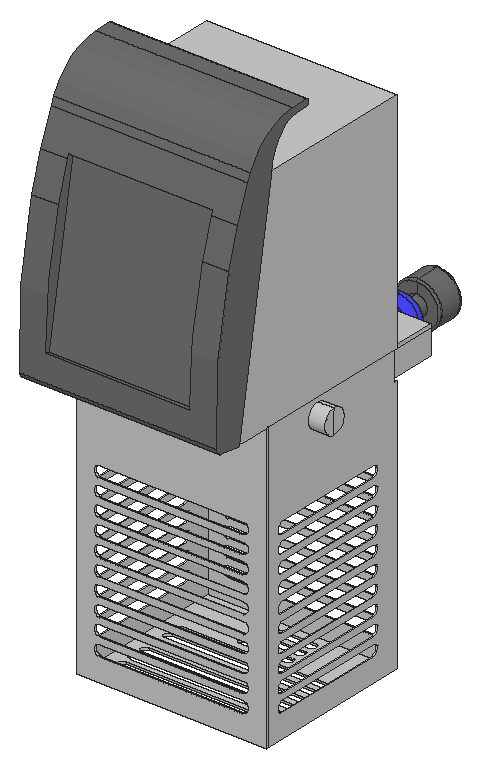
Revit family "SmartVide_5_GENERADO", category Equipos especializados, Revit 2020
Family settings
  Cota de conector redondo = Diámetro de uso
  Tipo de pieza = Normal
  Número OmniClass = 23.21.21.13
  Se basa en plano de trabajo = No
  Siempre vertical = Sí
  Corte con vacíos al cargar = No
  Compartido = No
  Punto de cálculo de habitación = No
Parameters
  Width = 116 mm
  Weight in Pounds = 6.8
  Watts = 1600 W
  Volts = 208 V
  URL Cutsheet = "http://www.sammic.com/dl/469714/2b663/ps-en-1180104-smartvide-5.pdf"
  URL = "https://www.sammic.com/model/1180104"
  Specification by Manufacturer = "Commercial high-precision sous-vide cooker. Reliable, user-friendly, portable.\nInterchangeable between ºC and ºF.\n· Bluetooth connectivity.\n· HACCP-ready.\n· Optional core probe.\n· Firmware update."
  Show Logo [instance] = yes
  Show Clearances [instance] = yes
  Revision Code = "1"
  Phase = 1
  Model = "1180104"
  Height = 330 mm
  HP = "2.15"
  Foodservice Equipment Identifier = yes
  Fabricante = "SAMMIC S.L."
  FL Amps = 7 A
  Elevación por defecto = 0 mm
  Description = "SmartVide 5 208-240/50-60/1"
  Depth = 128 mm
  Cycle = 50 Hz
  Conn Plug = "USA (NEMA 6-20P / 2P)"
  Comentarios de tipo = "Maximum capacity: 30 lt./ 8 gal."
Types (6, lengths in mm): name | Watts | Volts | URL Cutsheet | URL | Model | HP | FL Amps | Description | Conn Plug
  (no name) | 1600 W | 208 V | "http://www.sammic.com/dl/469714/2b663/ps-en-1180104-smartvide-5.pdf" | "https://www.sammic.com/model/1180104" | "1180104" | "2.15" | 7 A | "SmartVide 5 208-240/50-60/1" | "USA (NEMA 6-20P / 2P)"
  SmartVide 5 230/50-60/1 UK | 1600 W | 230 V | "http://www.sammic.com/dl/455517/48d0b/ps-en-1180101-smartvide5.pdf" | "https://www.sammic.com/model/1180101" | "1180101" | "2.15" | 7 A | "SmartVide 5 230/50-60/1 UK" | "UK (BS 1363 13A / 2P+G)"
  SmartVide 5 230/50-60/1 AUS | 1600 W | 230 V | "http://www.sammic.com/dl/455518/c538e/ps-en-1180102-smartvide5.pdf" | "https://www.sammic.com/model/1180102" | "1180102" | "2.15" | 7 A | "SmartVide 5 230/50-60/1 AUS" | "AU/NZ (AS 3112 10A / 2P+G)"
  SmartVide 5 230/50-60/1 | 1600 W | 230 V | "http://www.sammic.com/dl/454963/f1f9c/ps-en-1180100-smartvide5.pdf" | "https://www.sammic.com/model/1180100" | "1180100" | "2.15" | 7 A | "SmartVide 5 230/50-60/1" | "EU (SCHUKO 2P+G)"
  SmartVide 5 120/60/1 | 1200 W | 120 V | "http://www.sammic.com/dl/454964/8873e/ps-en-1180103-smartvide5.pdf" | "https://www.sammic.com/model/1180103" | "1180103" | "1.61" | 10 A | "SmartVide 5 120/60/1" | "USA (NEMA 5-15P / 2P+G)"
  SmartVide 5 208-240/50-60/1 | 1600 W | 208 V | "http://www.sammic.com/dl/469714/2b663/ps-en-1180104-smartvide-5.pdf" | "https://www.sammic.com/model/1180104" | "1180104" | "2.15" | 7 A | "SmartVide 5 208-240/50-60/1" | "USA (NEMA 6-20P / 2P)"
Reference planes
  plane 1 "Centro (Frontal/Posterior)": y = 0
  plane 2: z = 0
  plane 3 "Centro (Izquierda/Derecha)": x = 0
Forms (mm)
  Revolve 1, solid
    sketch origin (0, -58.618, 0) x (1, 0, 0) y (0, 0, 1)
      loop
        line (-56, 160.005) -> (-66, 160.005) -> (-66, 153.005) -> (-56, 153.005) -> (-56, 160.005)
      loop
        line (56, 160.005) -> (56, 153.005) -> (66, 153.005) -> (66, 160.005) -> (56, 160.005)
      axis (-66, 160.005) -> (66, 160.005)
    angle from 0 to 360
  Extrusion 2, solid
    sketch origin (0, -2.108, 0) x (1, 0, 0) y (0, 0, 1)
      loop
        line (-18.4, 290.796) -> (-43.4, 290.796) -> (-43.4, 258.796) -> (-18.4, 258.796) -> (-18.4, 290.796)
    from -4.108 to -2.108
  Extrusion 3, solid
    sketch origin (0, 0, 0) x (0, 1, 0) y (0, 0, 1)
      loop
        line (2, 286.591) -> (2, 263.296) -> (3, 263.296) -> (3, 274.796) -> (8.25, 285.313) -> (2, 286.591)
    from -38.9 to -22.9
  Extrusion 4, solid
    sketch origin (0, 0, 0) x (1, 0, 0) y (0, 0, 1)
      loop
        circle (-31.999, 227.817) r 12.5
    from -26 to 0
Lines and regions (mm)
  symbolic lines, style "200-EquipBorder-2D"
    curve 1: line (-53.5, 28, 0) -> (-53.5, 0, 0)
    curve 2: line (-53.5, 0, 0) -> (-56, 0, 0)
    curve 3: line (-56, 0, 0) -> (-56, -51.618, 0)
    curve 4: line (-56, -51.618, 0) -> (-66, -51.618, 0)
    curve 5: line (-66, -51.618, 0) -> (-66, -65.618, 0)
    curve 6: line (-66, -65.618, 0) -> (-56, -65.618, 0)
    curve 7: line (-56, -65.618, 0) -> (-56, -68.014, 0)
    curve 8: line (-56, -68.014, 0) -> (-58.058, -68.014, 0)
    curve 9: line (-58.058, -68.014, 0) -> (-58.058, -135.853, 0)
    curve 10: line (-58.058, -135.853, 0) -> (58.082, -135.853, 0)
    curve 11: line (58.082, -135.853, 0) -> (58.082, -68.103, 0)
    curve 12: line (58.082, -68.103, 0) -> (56, -68.103, 0)
    curve 13: line (56, -68.103, 0) -> (56, -65.548, 0)
    curve 14: line (56, -65.548, 0) -> (66, -65.548, 0)
    curve 15: line (66, -65.548, 0) -> (66, -51.538, 0)
    curve 16: line (66, -51.538, 0) -> (56, -51.538, 0)
    curve 17: line (56, -51.538, 0) -> (56, 0, 0)
    curve 18: line (56, 0, 0) -> (53.5, 0, 0)
    curve 19: line (53.5, 0, 0) -> (53.5, 28, 0)
    curve 20: line (53.5, 28, 0) -> (7.405, 28, 0)
    curve 21: line (-5.85, 78.241, 0) -> (-5.85, 85, 0)
    curve 22: line (-5.85, 85, 0) -> (-12.48, 85, 0)
    curve 23: arc (-12.48, 85, 0) -> (-13.191, 85.273, 0) -> (-13.536, 85.951, 0) r 1.062
    curve 24: line (-13.536, 85.951, 0) -> (-13.536, 99.874, 0)
    curve 25: arc (-13.536, 99.874, 0) -> (-13.296, 100.673, 0) -> (-12.526, 100.996, 0) r 0.979
    curve 26: line (-12.526, 100.996, 0) -> (12.474, 100.996, 0)
    curve 27: arc (12.474, 100.996, 0) -> (13.232, 100.682, 0) -> (13.545, 99.925, 0) r 1.071
    curve 28: line (13.545, 99.925, 0) -> (13.545, 86.036, 0)
    curve 29: arc (13.545, 86.036, 0) -> (13.242, 85.304, 0) -> (12.509, 85, 0) r 1.036
    curve 30: line (12.509, 85, 0) -> (5.847, 85, 0)
    curve 31: line (5.847, 85, 0) -> (5.847, 78.241, 0)
    curve 32: line (5.847, 78.241, 0) -> (6.642, 78.241, 0)
    curve 33: line (-5.85, 78.241, 0) -> (-6.642, 78.241, 0)
    curve 34: line (-6.642, 78.241, 0) -> (-11.946, 74.097, 0)
    curve 35: line (-11.946, 71.575, 0) -> (-7.126, 67.809, 0)
    curve 36: line (-7.126, 67.084, 0) -> (-11.941, 63.322, 0)
    curve 37: line (-11.941, 60.8, 0) -> (-7.149, 57.056, 0)
    curve 38: line (-7.149, 56.278, 0) -> (-11.972, 52.51, 0)
    curve 39: line (-11.972, 49.988, 0) -> (-7.132, 46.207, 0)
    curve 40: line (-7.132, 45.457, 0) -> (-11.961, 41.685, 0)
    curve 41: line (-11.961, 39.163, 0) -> (-7.025, 35.306, 0)
    curve 42: line (-6.645, 34.528, 0) -> (-6.645, 32.958, 0)
    curve 43: arc (-6.645, 32.958, 0) -> (-6.926, 32.279, 0) -> (-7.605, 31.998, 0) r 0.96
    curve 44: arc (-7.605, 31.998, 0) -> (-9.604, 29.999, 0) -> (-7.605, 28, 0) r 1.999
    curve 45: line (6.642, 78.241, 0) -> (11.944, 74.098, 0)
    curve 46: line (11.944, 71.577, 0) -> (7.127, 67.813, 0)
    curve 47: line (7.127, 67.058, 0) -> (11.935, 63.301, 0)
    curve 48: line (11.935, 60.78, 0) -> (7.126, 57.022, 0)
    curve 49: line (7.126, 56.277, 0) -> (11.961, 52.499, 0)
    curve 50: line (11.961, 49.978, 0) -> (7.114, 46.191, 0)
    curve 51: line (7.114, 45.481, 0) -> (11.943, 41.709, 0)
    curve 52: line (11.943, 39.187, 0) -> (6.899, 35.246, 0)
    curve 53: line (6.518, 34.465, 0) -> (6.518, 33.049, 0)
    curve 54: arc (6.518, 33.049, 0) -> (6.771, 32.373, 0) -> (7.405, 32.029, 0) r 1.03
    curve 55: arc (7.405, 32.029, 0) -> (9.419, 30.014, 0) -> (7.405, 28, 0) r 2.014
    curve 56: line (-7.605, 28, 0) -> (-53.5, 28, 0)
    curve 57: arc (-11.946, 74.097, 0) -> (-12.561, 72.836, 0) -> (-11.946, 71.575, 0) r 1.6
    curve 58: arc (-11.941, 63.322, 0) -> (-12.556, 62.061, 0) -> (-11.941, 60.8, 0) r 1.6
    curve 59: arc (-11.972, 52.51, 0) -> (-12.587, 51.249, 0) -> (-11.972, 49.988, 0) r 1.6
    curve 60: arc (-11.961, 41.685, 0) -> (-12.576, 40.424, 0) -> (-11.961, 39.163, 0) r 1.6
    curve 61: arc (11.944, 74.098, 0) -> (12.559, 72.838, 0) -> (11.944, 71.577, 0) r 1.6
    curve 62: arc (11.935, 63.301, 0) -> (12.55, 62.041, 0) -> (11.935, 60.78, 0) r 1.6
    curve 63: arc (11.961, 52.499, 0) -> (12.576, 51.239, 0) -> (11.961, 49.978, 0) r 1.6
    curve 64: arc (11.943, 41.709, 0) -> (12.558, 40.448, 0) -> (11.943, 39.187, 0) r 1.6
    curve 65: arc (-7.126, 67.809, 0) -> (-6.949, 67.447, 0) -> (-7.126, 67.084, 0) r 0.46
    curve 66: arc (-7.149, 57.056, 0) -> (-6.959, 56.667, 0) -> (-7.149, 56.278, 0) r 0.493
    curve 67: arc (-7.132, 46.207, 0) -> (-6.949, 45.832, 0) -> (-7.132, 45.457, 0) r 0.475
    curve 68: arc (-7.025, 35.306, 0) -> (-6.745, 34.961, 0) -> (-6.645, 34.528, 0) r 0.988
    curve 69: arc (6.899, 35.246, 0) -> (6.618, 34.899, 0) -> (6.518, 34.465, 0) r 0.99
    curve 70: arc (7.114, 46.191, 0) -> (6.941, 45.836, 0) -> (7.114, 45.481, 0) r 0.45
    curve 71: arc (7.126, 57.022, 0) -> (6.944, 56.65, 0) -> (7.126, 56.277, 0) r 0.473
    curve 72: arc (7.127, 67.813, 0) -> (6.943, 67.436, 0) -> (7.127, 67.058, 0) r 0.479
Dimensions and locks
  aligned and locked: level to plane 2
Nested families
  nested 1: "SmartVide_5_Caja" at (0, 0, 0), type "SmartVide_5_Caja"
    with Show Logo yes, Show Clearances yes
  nested 2: "SmartVide_5_Mandos" at (0, 0, 0), type "SmartVide_5_Mandos"
    with Show Logo yes, Show Clearances yes
  nested 3: "SmartVide_5_Rejilla" at (0, 0, 0), type "SmartVide_5_Rejilla"
    with Show Logo yes, Show Clearances yes
  nested 4: "SmartVide_5_Separador" at (0, 0, 0), type "SmartVide_5_Separador"
    with Show Logo yes, Show Clearances yes
Connectors
  electrical at (-31.999, 26, 227.817)
    settings: on Extrusion 4, index 1, voltage 230 V, apparent load 0 VA, apparent load phase1 0 VA, apparent load phase2 0 VA, apparent load phase3 0 VA, power factor 1, load classification "Otro", number of poles 1, system type 31, power factor state 1, is connector primary yes, connector utility no, sub classification motor no, connector description "Conexion electrica"
Definition of nested family "SmartVide_5_Caja"
  Parameters
    Show Logo [instance] = yes
    Show Clearances [instance] = yes
    Default Elevation = 0 mm
  Reference planes
    plane 1 "Centro (Frontal/Posterior)": y = 0
    plane 2: z = 0
    plane 3 "Centro (Izquierda/Derecha)": x = 0
  Forms (mm)
    Extrusion 1, solid
      sketch origin (0, 0, 0) x (0, 1, 0) y (0, 0, 1)
        loop
          line (0, 303.334) -> (-95.806, 303.334) -> (-95.806, 302.134) -> (-119.069, 170.255) -> (-111.958, 169.002) -> (0, 169.002) -> (0, 303.334)
      from -56 to 56
  Dimensions and locks
    aligned and locked: level to plane 2
Definition of nested family "SmartVide_5_Mandos"
  Parameters
    Show Logo [instance] = yes
    Show Clearances [instance] = yes
    Default Elevation = 0 mm
  Reference planes
    plane 1 "Centro (Frontal/Posterior)": y = 0
    plane 2: z = 0
    plane 3 "Centro (Izquierda/Derecha)": x = 0
  Forms (mm)
    Extrusion 1, solid
      sketch origin (0, 326.695, -986.633) x (0, 1, 0) y (0, 0, 1)
        loop
          arc (-394.797, 1317.825) -> (-395.103, 1318.544) -> (-395.832, 1318.825) r 1
          line (-395.832, 1318.825) -> (-405.826, 1318.476)
          arc (-405.826, 1318.476) -> (-424.219, 1312.571) -> (-436.792, 1297.905) r 35.478
          line (-436.792, 1297.905) -> (-438.89, 1293.367) -> (-446.417, 1273.799) -> (-452.93, 1252.497)
          arc (-452.93, 1252.497) -> (-461.05, 1207.884) -> (-462.121, 1162.55) r 290.156
          arc (-462.121, 1162.55) -> (-460.942, 1159.785) -> (-458.263, 1158.423) r 4.4
          line (-458.263, 1158.423) -> (-445.764, 1156.888) -> (-422.42, 1289.855)
          arc (-422.42, 1289.855) -> (-421.342, 1296.223) -> (-419.081, 1302.275) r 34.106
          arc (-419.081, 1302.275) -> (-415.647, 1307.68) -> (-411.082, 1312.173) r 28.226
          arc (-411.082, 1312.173) -> (-407.467, 1314.203) -> (-403.409, 1315.057) r 13.685
          line (-403.409, 1315.057) -> (-395.569, 1315.332)
          arc (-395.569, 1315.332) -> (-395.022, 1315.575) -> (-394.797, 1316.131) r 0.8
          line (-394.797, 1316.131) -> (-394.797, 1317.825)
      from -58.081 to 58.082
    Extrusion 2, void
      sketch origin (0, -114.162, 0) x (0, 1, 0) y (0, 0, 1)
        loop
          line (-1.723, 289.222) -> (-9.593, 290.655) -> (-27.374, 192.972) -> (-19.503, 191.54) -> (-1.723, 289.222)
      from -42.5 to 42.5
  Cuts and joins
    Extrusion 2 cuts Extrusion 1
  Dimensions and locks
    aligned and locked: level to plane 2
Definition of nested family "SmartVide_5_Rejilla"
  Parameters
    Show Logo [instance] = yes
    Show Clearances [instance] = yes
    Default Elevation = 0 mm
  Reference planes
    plane 1 "Centro (Frontal/Posterior)": y = 0
    plane 2: z = 0
    plane 3 "Centro (Izquierda/Derecha)": x = 0
  Forms (mm)
    Extrusion 1, solid
      sketch origin (0, 154, 0) x (1, 0, 0) y (0, 0, 1)
        loop
          line (-56, 169.502) -> (-56, 0) -> (56, 0) -> (56, 169.502) -> (-56, 169.502)
        loop
          arc (-42, 115) -> (-45.5, 111.5) -> (-42, 108) r 3.5
          line (-42, 108) -> (42, 108)
          arc (42, 108) -> (45.5, 111.5) -> (42, 115) r 3.5
          line (42, 115) -> (-42, 115)
        loop
          arc (42, 97.5) -> (45.5, 101) -> (42, 104.5) r 3.5
          line (42, 104.5) -> (-42, 104.5)
          arc (-42, 104.5) -> (-45.5, 101) -> (-42, 97.5) r 3.5
          line (-42, 97.5) -> (42, 97.5)
        loop
          arc (-42, 94) -> (-45.5, 90.5) -> (-42, 87) r 3.5
          line (-42, 87) -> (42, 87)
          arc (42, 87) -> (45.5, 90.5) -> (42, 94) r 3.5
          line (42, 94) -> (-42, 94)
        loop
          arc (42, 76.5) -> (45.5, 80) -> (42, 83.5) r 3.5
          line (42, 83.5) -> (-42, 83.5)
          arc (-42, 83.5) -> (-45.5, 80) -> (-42, 76.5) r 3.5
          line (-42, 76.5) -> (42, 76.5)
        loop
          arc (42, 66) -> (45.5, 69.5) -> (42, 73) r 3.5
          line (42, 73) -> (-42, 73)
          arc (-42, 73) -> (-45.5, 69.5) -> (-42, 66) r 3.5
          line (-42, 66) -> (42, 66)
        loop
          arc (-42, 62.5) -> (-45.5, 59) -> (-42, 55.5) r 3.5
          line (-42, 55.5) -> (42, 55.5)
          arc (42, 55.5) -> (45.5, 59) -> (42, 62.5) r 3.5
          line (42, 62.5) -> (-42, 62.5)
        loop
          arc (42, 13.5) -> (45.5, 17) -> (42, 20.5) r 3.5
          line (42, 20.5) -> (-42, 20.5)
          arc (-42, 20.5) -> (-45.5, 17) -> (-42, 13.5) r 3.5
          line (-42, 13.5) -> (42, 13.5)
        loop
          arc (42, 24) -> (45.5, 27.5) -> (42, 31) r 3.5
          line (42, 31) -> (-42, 31)
          arc (-42, 31) -> (-45.5, 27.5) -> (-42, 24) r 3.5
          line (-42, 24) -> (42, 24)
        loop
          arc (42, 34.5) -> (45.5, 38) -> (42, 41.5) r 3.5
          line (42, 41.5) -> (-42, 41.5)
          arc (-42, 41.5) -> (-45.5, 38) -> (-42, 34.5) r 3.5
          line (-42, 34.5) -> (42, 34.5)
        loop
          arc (42, 45) -> (45.5, 48.5) -> (42, 52) r 3.5
          line (42, 52) -> (-42, 52)
          arc (-42, 52) -> (-45.5, 48.5) -> (-42, 45) r 3.5
          line (-42, 45) -> (42, 45)
      from 249 to 250
    Extrusion 2, solid
      sketch origin (0, 0, 0) x (0, 1, 0) y (0, 0, 1)
        loop
          line (-17.5, 115) -> (-84.5, 115)
          arc (-84.5, 115) -> (-88, 111.5) -> (-84.5, 108) r 3.5
          line (-84.5, 108) -> (-17.5, 108)
          arc (-17.5, 108) -> (-14, 111.5) -> (-17.5, 115) r 3.5
        loop
          line (-17.5, 104.5) -> (-84.5, 104.5)
          arc (-84.5, 104.5) -> (-88, 101) -> (-84.5, 97.5) r 3.5
          line (-84.5, 97.5) -> (-17.5, 97.5)
          arc (-17.5, 97.5) -> (-14, 101) -> (-17.5, 104.5) r 3.5
        loop
          line (-17.5, 94) -> (-84.5, 94)
          arc (-84.5, 94) -> (-88, 90.5) -> (-84.5, 87) r 3.5
          line (-84.5, 87) -> (-17.5, 87)
          arc (-17.5, 87) -> (-14, 90.5) -> (-17.5, 94) r 3.5
        loop
          line (-17.5, 83.5) -> (-84.5, 83.5)
          arc (-84.5, 83.5) -> (-88, 80) -> (-84.5, 76.5) r 3.5
          line (-84.5, 76.5) -> (-17.5, 76.5)
          arc (-17.5, 76.5) -> (-14, 80) -> (-17.5, 83.5) r 3.5
        loop
          line (-17.5, 73) -> (-84.5, 73)
          arc (-84.5, 73) -> (-88, 69.5) -> (-84.5, 66) r 3.5
          line (-84.5, 66) -> (-17.5, 66)
          arc (-17.5, 66) -> (-14, 69.5) -> (-17.5, 73) r 3.5
        loop
          line (-17.5, 62.5) -> (-84.5, 62.5)
          arc (-84.5, 62.5) -> (-88, 59) -> (-84.5, 55.5) r 3.5
          line (-84.5, 55.5) -> (-17.5, 55.5)
          arc (-17.5, 55.5) -> (-14, 59) -> (-17.5, 62.5) r 3.5
        loop
          line (-17.5, 52) -> (-84.5, 52)
          arc (-84.5, 52) -> (-88, 48.5) -> (-84.5, 45) r 3.5
          line (-84.5, 45) -> (-17.5, 45)
          arc (-17.5, 45) -> (-14, 48.5) -> (-17.5, 52) r 3.5
        loop
          line (-17.5, 41.5) -> (-84.5, 41.5)
          arc (-84.5, 41.5) -> (-88, 38) -> (-84.5, 34.5) r 3.5
          line (-84.5, 34.5) -> (-17.5, 34.5)
          arc (-17.5, 34.5) -> (-14, 38) -> (-17.5, 41.5) r 3.5
        loop
          line (-84.5, 24) -> (-17.5, 24)
          arc (-17.5, 24) -> (-14, 27.5) -> (-17.5, 31) r 3.5
          line (-17.5, 31) -> (-84.5, 31)
          arc (-84.5, 31) -> (-88, 27.5) -> (-84.5, 24) r 3.5
        loop
          line (-17.5, 20.5) -> (-84.5, 20.5)
          arc (-84.5, 20.5) -> (-88, 17) -> (-84.5, 13.5) r 3.5
          line (-84.5, 13.5) -> (-17.5, 13.5)
          arc (-17.5, 13.5) -> (-14, 17) -> (-17.5, 20.5) r 3.5
        loop
          circle (-58.618, 160.005) r 4
        loop
          line (-2, 169.002) -> (-95, 169.002) -> (-95, 0) -> (0, 0) -> (0, 152.002) -> (-2, 152.002) -> (-2, 169.002)
      from -56 to -55
    Extrusion 3, solid
      sketch origin (111, 0, 0) x (0, 1, 0) y (0, 0, 1)
        loop
          line (-17.5, 115) -> (-84.5, 115)
          arc (-84.5, 115) -> (-88, 111.5) -> (-84.5, 108) r 3.5
          line (-84.5, 108) -> (-17.5, 108)
          arc (-17.5, 108) -> (-14, 111.5) -> (-17.5, 115) r 3.5
        loop
          line (-17.5, 104.5) -> (-84.5, 104.5)
          arc (-84.5, 104.5) -> (-88, 101) -> (-84.5, 97.5) r 3.5
          line (-84.5, 97.5) -> (-17.5, 97.5)
          arc (-17.5, 97.5) -> (-14, 101) -> (-17.5, 104.5) r 3.5
        loop
          line (-17.5, 94) -> (-84.5, 94)
          arc (-84.5, 94) -> (-88, 90.5) -> (-84.5, 87) r 3.5
          line (-84.5, 87) -> (-17.5, 87)
          arc (-17.5, 87) -> (-14, 90.5) -> (-17.5, 94) r 3.5
        loop
          line (-17.5, 83.5) -> (-84.5, 83.5)
          arc (-84.5, 83.5) -> (-88, 80) -> (-84.5, 76.5) r 3.5
          line (-84.5, 76.5) -> (-17.5, 76.5)
          arc (-17.5, 76.5) -> (-14, 80) -> (-17.5, 83.5) r 3.5
        loop
          line (-17.5, 73) -> (-84.5, 73)
          arc (-84.5, 73) -> (-88, 69.5) -> (-84.5, 66) r 3.5
          line (-84.5, 66) -> (-17.5, 66)
          arc (-17.5, 66) -> (-14, 69.5) -> (-17.5, 73) r 3.5
        loop
          line (-17.5, 62.5) -> (-84.5, 62.5)
          arc (-84.5, 62.5) -> (-88, 59) -> (-84.5, 55.5) r 3.5
          line (-84.5, 55.5) -> (-17.5, 55.5)
          arc (-17.5, 55.5) -> (-14, 59) -> (-17.5, 62.5) r 3.5
        loop
          line (-17.5, 52) -> (-84.5, 52)
          arc (-84.5, 52) -> (-88, 48.5) -> (-84.5, 45) r 3.5
          line (-84.5, 45) -> (-17.5, 45)
          arc (-17.5, 45) -> (-14, 48.5) -> (-17.5, 52) r 3.5
        loop
          line (-17.5, 41.5) -> (-84.5, 41.5)
          arc (-84.5, 41.5) -> (-88, 38) -> (-84.5, 34.5) r 3.5
          line (-84.5, 34.5) -> (-17.5, 34.5)
          arc (-17.5, 34.5) -> (-14, 38) -> (-17.5, 41.5) r 3.5
        loop
          line (-84.5, 24) -> (-17.5, 24)
          arc (-17.5, 24) -> (-14, 27.5) -> (-17.5, 31) r 3.5
          line (-17.5, 31) -> (-84.5, 31)
          arc (-84.5, 31) -> (-88, 27.5) -> (-84.5, 24) r 3.5
        loop
          line (-17.5, 20.5) -> (-84.5, 20.5)
          arc (-84.5, 20.5) -> (-88, 17) -> (-84.5, 13.5) r 3.5
          line (-84.5, 13.5) -> (-17.5, 13.5)
          arc (-17.5, 13.5) -> (-14, 17) -> (-17.5, 20.5) r 3.5
        loop
          circle (-58.618, 160.005) r 4
        loop
          line (-2, 169.002) -> (-95, 169.002) -> (-95, 0) -> (0, 0) -> (0, 152.002) -> (-2, 152.002) -> (-2, 169.002)
      from -56 to -55
    Extrusion 4, solid
      sketch origin (0, 249, 0) x (1, 0, 0) y (0, 0, 1)
        loop
          line (-55, 152.002) -> (-55, 0) -> (55, 0) -> (55, 152.002) -> (-55, 152.002)
        loop
          arc (-42, 115) -> (-45.5, 111.5) -> (-42, 108) r 3.5
          line (-42, 108) -> (42, 108)
          arc (42, 108) -> (45.5, 111.5) -> (42, 115) r 3.5
          line (42, 115) -> (-42, 115)
        loop
          arc (42, 97.5) -> (45.5, 101) -> (42, 104.5) r 3.5
          line (42, 104.5) -> (-42, 104.5)
          arc (-42, 104.5) -> (-45.5, 101) -> (-42, 97.5) r 3.5
          line (-42, 97.5) -> (42, 97.5)
        loop
          arc (-42, 94) -> (-45.5, 90.5) -> (-42, 87) r 3.5
          line (-42, 87) -> (42, 87)
          arc (42, 87) -> (45.5, 90.5) -> (42, 94) r 3.5
          line (42, 94) -> (-42, 94)
        loop
          arc (42, 76.5) -> (45.5, 80) -> (42, 83.5) r 3.5
          line (42, 83.5) -> (-42, 83.5)
          arc (-42, 83.5) -> (-45.5, 80) -> (-42, 76.5) r 3.5
          line (-42, 76.5) -> (42, 76.5)
        loop
          arc (42, 66) -> (45.5, 69.5) -> (42, 73) r 3.5
          line (42, 73) -> (-42, 73)
          arc (-42, 73) -> (-45.5, 69.5) -> (-42, 66) r 3.5
          line (-42, 66) -> (42, 66)
        loop
          arc (-42, 62.5) -> (-45.5, 59) -> (-42, 55.5) r 3.5
          line (-42, 55.5) -> (42, 55.5)
          arc (42, 55.5) -> (45.5, 59) -> (42, 62.5) r 3.5
          line (42, 62.5) -> (-42, 62.5)
        loop
          arc (42, 13.5) -> (45.5, 17) -> (42, 20.5) r 3.5
          line (42, 20.5) -> (-42, 20.5)
          arc (-42, 20.5) -> (-45.5, 17) -> (-42, 13.5) r 3.5
          line (-42, 13.5) -> (42, 13.5)
        loop
          arc (42, 24) -> (45.5, 27.5) -> (42, 31) r 3.5
          line (42, 31) -> (-42, 31)
          arc (-42, 31) -> (-45.5, 27.5) -> (-42, 24) r 3.5
          line (-42, 24) -> (42, 24)
        loop
          arc (42, 34.5) -> (45.5, 38) -> (42, 41.5) r 3.5
          line (42, 41.5) -> (-42, 41.5)
          arc (-42, 41.5) -> (-45.5, 38) -> (-42, 34.5) r 3.5
          line (-42, 34.5) -> (42, 34.5)
        loop
          arc (42, 45) -> (45.5, 48.5) -> (42, 52) r 3.5
          line (42, 52) -> (-42, 52)
          arc (-42, 52) -> (-45.5, 48.5) -> (-42, 45) r 3.5
          line (-42, 45) -> (42, 45)
      from 249 to 250
    Extrusion 5, solid
      sketch origin (-139.438, 12.259, 0) x (1, 0, 0) y (0, 1, 0)
        loop
          line (84.438, -13.259) -> (84.438, -107.259) -> (194.438, -107.259) -> (194.438, -13.259) -> (84.438, -13.259)
        loop
          line (153.188, -19.109) -> (125.688, -19.109)
          arc (125.688, -19.109) -> (123.188, -21.609) -> (125.688, -24.109) r 2.5
          line (125.688, -24.109) -> (153.188, -24.109)
          arc (153.188, -24.109) -> (155.688, -21.609) -> (153.188, -19.109) r 2.5
        loop
          line (153.188, -27.609) -> (125.688, -27.609)
          arc (125.688, -27.609) -> (123.188, -30.109) -> (125.688, -32.609) r 2.5
          line (125.688, -32.609) -> (153.188, -32.609)
          arc (153.188, -32.609) -> (155.688, -30.109) -> (153.188, -27.609) r 2.5
        loop
          line (153.188, -36.109) -> (125.688, -36.109)
          arc (125.688, -36.109) -> (123.188, -38.609) -> (125.688, -41.109) r 2.5
          line (125.688, -41.109) -> (153.188, -41.109)
          arc (153.188, -41.109) -> (155.688, -38.609) -> (153.188, -36.109) r 2.5
        loop
          line (183.688, -44.609) -> (95.188, -44.609)
          arc (95.188, -44.609) -> (92.688, -47.109) -> (95.188, -49.609) r 2.5
          line (95.188, -49.609) -> (183.688, -49.609)
          arc (183.688, -49.609) -> (186.188, -47.109) -> (183.688, -44.609) r 2.5
        loop
          line (183.688, -53.109) -> (95.188, -53.109)
          arc (95.188, -53.109) -> (92.688, -55.609) -> (95.188, -58.109) r 2.5
          line (95.188, -58.109) -> (183.688, -58.109)
          arc (183.688, -58.109) -> (186.188, -55.609) -> (183.688, -53.109) r 2.5
        loop
          line (183.688, -61.609) -> (95.188, -61.609)
          arc (95.188, -61.609) -> (92.688, -64.109) -> (95.188, -66.609) r 2.5
          line (95.188, -66.609) -> (183.688, -66.609)
          arc (183.688, -66.609) -> (186.188, -64.109) -> (183.688, -61.609) r 2.5
        loop
          line (183.688, -70.109) -> (95.188, -70.109)
          arc (95.188, -70.109) -> (92.688, -72.609) -> (95.188, -75.109) r 2.5
          line (95.188, -75.109) -> (183.688, -75.109)
          arc (183.688, -75.109) -> (186.188, -72.609) -> (183.688, -70.109) r 2.5
        loop
          line (183.688, -78.609) -> (95.188, -78.609)
          arc (95.188, -78.609) -> (92.688, -81.109) -> (95.188, -83.609) r 2.5
          line (95.188, -83.609) -> (183.688, -83.609)
          arc (183.688, -83.609) -> (186.188, -81.109) -> (183.688, -78.609) r 2.5
        loop
          line (183.688, -87.109) -> (95.188, -87.109)
          arc (95.188, -87.109) -> (92.688, -89.609) -> (95.188, -92.109) r 2.5
          line (95.188, -92.109) -> (183.688, -92.109)
          arc (183.688, -92.109) -> (186.188, -89.609) -> (183.688, -87.109) r 2.5
        loop
          line (183.688, -95.609) -> (95.188, -95.609)
          arc (95.188, -95.609) -> (92.688, -98.109) -> (95.188, -100.609) r 2.5
          line (95.188, -100.609) -> (183.688, -100.609)
          arc (183.688, -100.609) -> (186.188, -98.109) -> (183.688, -95.609) r 2.5
      from 0 to 1
  Dimensions and locks
    aligned and locked: level to plane 2
Definition of nested family "SmartVide_5_Separador"
  Parameters
    Show Logo [instance] = yes
    Show Clearances [instance] = yes
    Default Elevation = 0 mm
  Reference planes
    plane 1 "Centro (Frontal/Posterior)": y = 0
    plane 2: z = 0
    plane 3 "Centro (Izquierda/Derecha)": x = 0
    plane 4: z = 135.002
  Forms (mm)
    Extrusion 1, solid
      sketch origin (0, 0, 0) x (0, 1, 0) y (0, 0, 1)
        loop
          line (-8, 152.002) -> (28, 152.002) -> (28, 167.002) -> (-22.5, 167.002) -> (-22.5, 136.128) -> (-21.294, 130.1)
          arc (-21.294, 130.1) -> (-19.976, 128.599) -> (-18.016, 128.987) r 2
          line (-18.016, 128.987) -> (-12.024, 134.23)
          arc (-12.024, 134.23) -> (-11.26, 135.265) -> (-11, 136.526) r 3
          line (-11, 136.526) -> (-11, 149.002)
          arc (-11, 149.002) -> (-10.121, 151.123) -> (-8, 152.002) r 3
      from -53.5 to -51.5
    Extrusion 2, solid
      sketch origin (105, 0, 0) x (0, 1, 0) y (0, 0, 1)
        loop
          line (-8, 152.002) -> (28, 152.002) -> (28, 167.002) -> (-22.5, 167.002) -> (-22.5, 136.128) -> (-21.294, 130.1)
          arc (-21.294, 130.1) -> (-19.976, 128.599) -> (-18.016, 128.987) r 2
          line (-18.016, 128.987) -> (-12.024, 134.23)
          arc (-12.024, 134.23) -> (-11.26, 135.265) -> (-11, 136.526) r 3
          line (-11, 136.526) -> (-11, 149.002)
          arc (-11, 149.002) -> (-10.121, 151.123) -> (-8, 152.002) r 3
      from -53.5 to -51.5
    Extrusion 3, solid
      sketch origin (0, 0, 0) x (1, 0, 0) y (0, 1, 0)
        loop
          line (-53.5, -22.5) -> (53.5, -22.5) -> (53.5, 28) -> (-53.5, 28) -> (-53.5, -22.5)
      from 167.002 to 169.002
    Extrusion 4, solid
      sketch origin (0, 0, 0) x (1, 0, 0) y (0, 0, 1)
        loop
          line (-51.5, 150.602) -> (-14.791, 124.905)
          arc (-14.791, 124.905) -> (-13.427, 124.233) -> (-11.924, 124.002) r 5
          line (-11.924, 124.002) -> (11.924, 124.002)
          arc (11.924, 124.002) -> (13.427, 124.233) -> (14.791, 124.905) r 5
          line (14.791, 124.905) -> (51.5, 150.602) -> (51.5, 167.002) -> (-51.5, 167.002) -> (-51.5, 150.602)
        loop
          circle (0, 135.002) r 2.5
      from -28 to -26
    Revolve 5, solid
      sketch origin (0, 315.803, -385.93) x (0, 1, 0) y (0, 0, 1)
        loop
          line (-329.803, 520.931) -> (-214.803, 520.931) -> (-214.803, 533.482)
          arc (-214.803, 533.482) -> (-215.096, 534.189) -> (-215.803, 534.482) r 1
          line (-215.803, 534.482) -> (-229.803, 534.482)
          arc (-229.803, 534.482) -> (-230.51, 534.189) -> (-230.803, 533.482) r 1
          line (-230.803, 533.482) -> (-230.803, 526.781) -> (-237.563, 526.781) -> (-237.563, 524.896) -> (-300.803, 524.896) -> (-300.803, 525.931) -> (-303.803, 525.931)
          arc (-303.803, 525.931) -> (-304.157, 525.785) -> (-304.303, 525.431) r 0.5
          line (-304.303, 525.431) -> (-304.303, 523.931) -> (-329.803, 523.931) -> (-329.803, 520.931)
        axis (-214.803, 520.931) -> (-329.803, 520.931)
      angle from 0 to 360
    Revolve 6, solid
      sketch origin (0, 315.803, -385.93) x (0, 1, 0) y (0, 0, 1)
        loop
          line (-287.803, 520.931) -> (-237.563, 520.931) -> (-237.563, 527.573) -> (-241.707, 532.879)
          arc (-241.707, 532.879) -> (-242.968, 533.494) -> (-244.229, 532.879) r 1.6
          line (-244.229, 532.879) -> (-247.98, 528.078)
          arc (-247.98, 528.078) -> (-248.374, 527.886) -> (-248.768, 528.078) r 0.5
          line (-248.768, 528.078) -> (-252.519, 532.879)
          arc (-252.519, 532.879) -> (-253.78, 533.494) -> (-255.04, 532.879) r 1.6
          line (-255.04, 532.879) -> (-258.791, 528.078)
          arc (-258.791, 528.078) -> (-259.185, 527.886) -> (-259.579, 528.078) r 0.5
          line (-259.579, 528.078) -> (-263.33, 532.879)
          arc (-263.33, 532.879) -> (-264.591, 533.494) -> (-265.852, 532.879) r 1.6
          line (-265.852, 532.879) -> (-269.603, 528.078)
          arc (-269.603, 528.078) -> (-269.997, 527.886) -> (-270.391, 528.078) r 0.5
          line (-270.391, 528.078) -> (-274.141, 532.879)
          arc (-274.141, 532.879) -> (-275.402, 533.494) -> (-276.663, 532.879) r 1.6
          line (-276.663, 532.879) -> (-280.541, 527.915)
          arc (-280.541, 527.915) -> (-280.89, 527.632) -> (-281.329, 527.531) r 1
          line (-281.329, 527.531) -> (-282.806, 527.531)
          arc (-282.806, 527.531) -> (-283.501, 527.812) -> (-283.805, 528.498) r 1
          arc (-283.805, 528.498) -> (-285.864, 530.43) -> (-287.803, 528.378) r 2
          line (-287.803, 528.378) -> (-287.803, 520.931)
        axis (-287.803, 520.931) -> (-237.563, 520.931)
      angle from 0 to 360
  Dimensions and locks
    aligned and locked: level to plane 2
